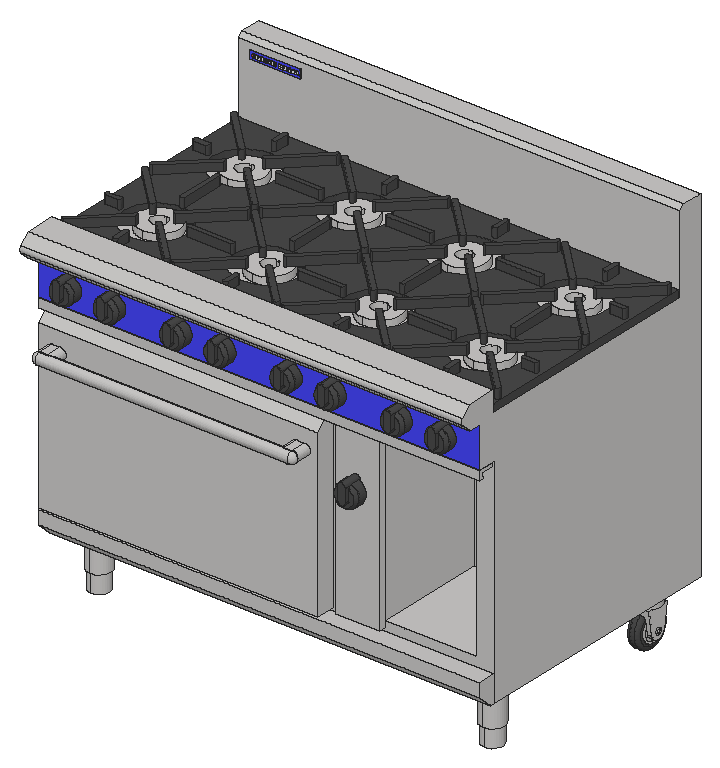
Revit family "QF_MOFFAT_BLUESEAL_CE_G508D", category Specialty Equipment, Revit 2012 (continued)
Definition of nested family "WALDORF LOGO_FACE BASE"
  Forms (mm)
    Extrusion 2, solid, material "QF_Finishes_Blue", visible <- "Show Logo"
      sketch origin (0, -33.217, 0) x (1, 0, 0) y (0, 1, 0)
        loop
          arc (138, 31.942) -> (137.626, 32.844) -> (136.724, 33.217) r 1.276
          line (136.724, 33.217) -> (1.29, 33.217)
          arc (1.29, 33.217) -> (0.378, 32.839) -> (0, 31.927) r 1.29
          line (0, 31.927) -> (0, 11.507)
          arc (0, 11.507) -> (0.378, 10.595) -> (1.29, 10.217) r 1.29
          line (1.29, 10.217) -> (136.71, 10.217)
          arc (136.71, 10.217) -> (137.622, 10.595) -> (138, 11.507) r 1.29
          line (138, 11.507) -> (138, 31.942)
      from 0 to 1.588
    Extrusion 3, solid, material "QF_Finishes_White", visible <- "Show Logo"
      sketch origin (0, -33.217, 1.588) x (1, 0, 0) y (0, 1, 0)
        loop
          arc (108.946, 25.919) -> (107.613, 25.367) -> (107.061, 24.034) r 1.885
          line (107.061, 24.034) -> (107.061, 17.211) -> (112.704, 17.211) -> (112.704, 19.129) -> (115.546, 19.129) -> (115.546, 17.211) -> (121.584, 17.211) -> (121.584, 24.075)
          arc (121.584, 24.075) -> (121.043, 25.379) -> (119.739, 25.919) r 1.845
          line (119.739, 25.919) -> (108.946, 25.919)
        loop
          line (123.478, 25.919) -> (123.478, 17.163) -> (134.904, 17.163) -> (134.904, 19.129) -> (129.246, 19.129) -> (129.246, 25.919) -> (123.478, 25.919)
        loop
          line (112.704, 21.258) -> (115.546, 21.258) -> (115.546, 22.702)
          arc (115.546, 22.702) -> (115.344, 23.188) -> (114.858, 23.389) r 0.687
          line (114.858, 23.389) -> (113.363, 23.389)
          arc (113.363, 23.389) -> (112.897, 23.196) -> (112.704, 22.73) r 0.658
          line (112.704, 22.73) -> (112.704, 21.258)
        loop
          line (105.071, 25.919) -> (93.771, 25.919) -> (93.771, 17.163) -> (105.071, 17.163) -> (105.071, 19.063) -> (99.535, 19.063) -> (99.535, 20.437) -> (105.071, 20.437) -> (105.071, 22.278) -> (99.535, 22.278) -> (99.535, 23.587) -> (105.071, 23.587) -> (105.071, 25.919)
        loop
          line (91.104, 25.919) -> (79.541, 25.919)
          arc (79.541, 25.919) -> (78.558, 25.513) -> (78.152, 24.53) r 1.389
          line (78.152, 24.53) -> (78.152, 22.08)
          arc (78.152, 22.08) -> (78.558, 21.098) -> (79.541, 20.691) r 1.389
          line (79.541, 20.691) -> (86.346, 20.691) -> (86.346, 18.864) -> (83.266, 18.864) -> (83.266, 19.664) -> (78.152, 19.664) -> (78.152, 18.553)
          arc (78.152, 18.553) -> (78.558, 17.57) -> (79.541, 17.163) r 1.389
          line (79.541, 17.163) -> (91.063, 17.163)
          arc (91.063, 17.163) -> (92.045, 17.57) -> (92.452, 18.553) r 1.389
          line (92.452, 18.553) -> (92.452, 20.691)
          arc (92.452, 20.691) -> (92.045, 21.673) -> (91.063, 22.08) r 1.389
          line (91.063, 22.08) -> (83.266, 22.08) -> (83.266, 23.984) -> (86.346, 23.984) -> (86.346, 22.743) -> (92.452, 22.743) -> (92.452, 24.571)
          arc (92.452, 24.571) -> (92.057, 25.524) -> (91.104, 25.919) r 1.348
        loop
          line (70.705, 25.919) -> (59.405, 25.919) -> (59.405, 17.163) -> (70.705, 17.163) -> (70.705, 19.063) -> (65.169, 19.063) -> (65.169, 20.437) -> (70.705, 20.437) -> (70.705, 22.278) -> (65.169, 22.278) -> (65.169, 23.587) -> (70.705, 23.587) -> (70.705, 25.919)
        loop
          line (57.598, 25.919) -> (51.7, 25.919) -> (51.7, 20.18)
          arc (51.7, 20.18) -> (50.63, 19.11) -> (49.56, 20.18) r 1.07
          line (49.56, 20.18) -> (49.56, 25.919) -> (43.663, 25.919) -> (43.663, 19.049)
          arc (43.663, 19.049) -> (44.215, 17.716) -> (45.548, 17.163) r 1.885
          line (45.548, 17.163) -> (55.71, 17.163)
          arc (55.71, 17.163) -> (57.045, 17.716) -> (57.598, 19.051) r 1.887
          line (57.598, 19.051) -> (57.598, 25.919)
        loop
          line (31.62, 25.919) -> (31.62, 17.163) -> (43.046, 17.163) -> (43.046, 19.129) -> (37.388, 19.129) -> (37.388, 25.919) -> (31.62, 25.919)
        loop
          line (15.969, 25.919) -> (15.969, 17.163) -> (28.693, 17.163)
          arc (28.693, 17.163) -> (29.812, 17.627) -> (30.276, 18.746) r 1.582
          line (30.276, 18.746) -> (30.276, 20.447) -> (29.48, 21.243) -> (30.276, 22.039) -> (30.276, 24.332)
          arc (30.276, 24.332) -> (29.811, 25.454) -> (28.688, 25.919) r 1.587
          line (28.688, 25.919) -> (15.969, 25.919)
        loop
          line (21.449, 24.159) -> (21.449, 22.436) -> (23.862, 22.436)
          arc (23.862, 22.436) -> (24.723, 23.298) -> (23.862, 24.159) r 0.861
          line (23.862, 24.159) -> (21.449, 24.159)
        loop
          line (21.449, 20.244) -> (21.449, 18.522) -> (23.862, 18.522)
          arc (23.862, 18.522) -> (24.723, 19.383) -> (23.862, 20.244) r 0.861
          line (23.862, 20.244) -> (21.449, 20.244)
      from 0 to 0.2
    Extrusion 4, solid, material "QF_Finishes_Blue", visible <- "Show Logo"
      sketch origin (-126.498, -31.09, 1.588) x (1, 0, 0) y (0, 1, 0)
        loop
          line (136.738, 23.522) -> (136.738, 15.1)
          arc (136.738, 15.1) -> (140.756, 19.311) -> (136.738, 23.522) r 4.216
      from 0 to 0.2
    Extrusion 5, solid, material "QF_Finishes_Red", visible <- "Show Logo"
      sketch origin (146.849, -31.09, 1.588) x (-1, 0, 0) y (0, -1, 0)
        loop
          arc (136.738, -23.522) -> (140.756, -19.311) -> (136.738, -15.1) r 4.216
          line (136.738, -15.1) -> (136.738, -23.522)
      from 0 to 0.2
  Lines and regions (mm)
    Split face 1
      outline origin (-90.35, -30.793, 1.588) x (1, 0, 0) y (0, 1, 0)
        loop
          circle (100.54, 19.013) r 4.536
  Dimensions and locks
    aligned and locked: plane 2 to Extrusion 1
    aligned and locked: level to Extrusion 1
